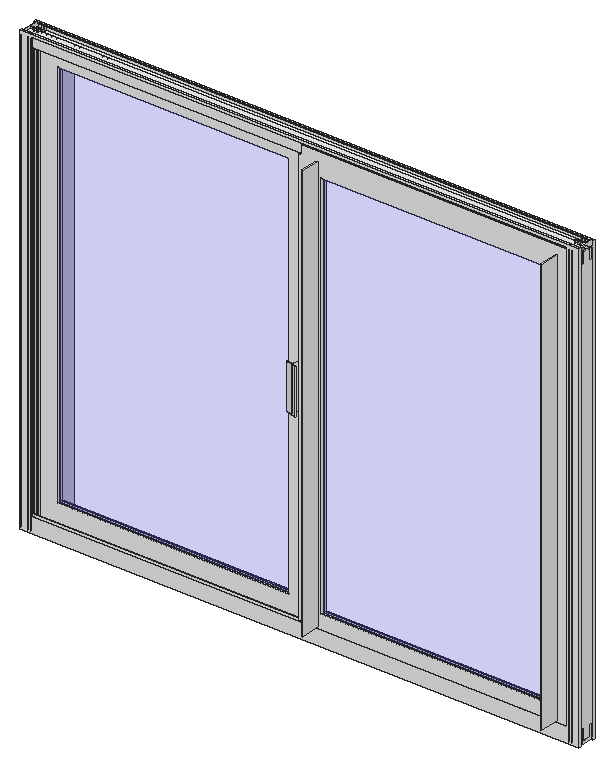
Revit family "WAL_A3-Classic-Horizontal-Slider-1500x1200-SW1512", category Windows, host Wall, Revit 2016
Family settings
  Host = Wall
  Always vertical = Yes
  Cut with Voids When Loaded = No
  Shared = No
  Room Calculation Point = No
Parameters (values of type "1500 x 1200 SW1512 Classical Horizontal Slider")
  URL = "www.agi.co.za"
  Model = "Slider"
  Manufacturer Code = "SW1512"
  Manufacturer = "AGI Aluminium"
  Height = 1200 mm
  Glass Material = Glass
  Frame Material = Metal Aluminium
  Description = "Classic Horizontal Slider"
  Default Sill Height = 800 mm
  Wall Closure = By host
  Width = 1500 mm
  Assembly Code = "B2020110"
Reference planes
  plane 1 "Center": y = 0
  plane 2 "Center (Left/Right)": x = 0
  plane 3 "Left": x = -750
  plane 4 "Right": x = 750
  plane 5 "Sill": z = 800
  plane 6 "Head": z = 2000
  plane 7 "Exterior": y = 75
  plane 8 "Interior": y = -75
  plane 9: z = 1400
Forms (mm)
  Sweep 1, solid, material "Metal Aluminium" <- "Frame Material", detail levels medium+fine
    path origin (0, 0, 0) x (1, 0, 0) y (0, 0, 1)
      loop
        line (750, 2000) -> (-750, 2000)
    profile "Top Frame : Top Frame" origin (0, 0, 2000) x (0, 0, -1) y (0, -1, 0)
      loop
        line (0, -21) -> (0, -27) -> (40, -27) -> (40, -25) -> (14.96, -25) -> (14.96, -14) -> (40, -14) -> (40, -12) -> (14.96, -12) -> (9.96, -3.34) -> (9.96, 3.34) -> (14.96, 12) -> (40, 12) -> (40, 14) -> (13.805, 14) -> (7.96, 3.876) -> (7.96, 1) -> (5.96, 1) -> (5.96, 27) -> (0, 27) -> (0, 21) -> (2, 21) -> (2, 25) -> (3.96, 25) -> (3.96, -1) -> (7.96, -1) -> (7.96, -3.876) -> (12.96, -12.536) -> (12.96, -25) -> (2, -25) -> (2, -21) -> (0, -21)
  Sweep 2, solid, material "Metal Aluminium" <- "Frame Material", detail levels medium+fine
    path origin (0, 0, 0) x (1, 0, 0) y (0, 0, 1)
      loop
        line (750, 800) -> (-750, 800)
    profile "Bottom Frame : Bottom Frame" origin (0, 0, 800) x (0, 0, -1) y (0, -1, 0)
      loop
        line (0, -27) -> (0, -20) -> (-2, -20) -> (-2, -25) -> (-4, -25) -> (-4, 25) -> (-2, 25) -> (-2, 20) -> (0, 20) -> (0, 27) -> (-40, 27) -> (-40, 25) -> (-6, 25) -> (-6, 14) -> (-40, 14) -> (-40, 12) -> (-10, 12) -> (-10, -12) -> (-40, -12) -> (-40, -14) -> (-6, -14) -> (-6, -25) -> (-40, -25) -> (-40, -27) -> (0, -27)
  Sweep 3, solid, material "Metal Aluminium" <- "Frame Material", detail levels medium+fine
    path origin (0, 0, 0) x (1, 0, 0) y (0, 0, 1)
      loop
        line (750, 2000) -> (750, 800)
    profile "Side Frame : Side Frame" origin (750, 0, 1400) x (1, 0, 0) y (0, -1, 0)
      loop
        line (0, -27) -> (0, -21) -> (-2, -21) -> (-2, -25) -> (-4, -25) -> (-4, 24.998) -> (-2, 24.998) -> (-2, 20.998) -> (0, 20.998) -> (0, 26.998) -> (-31, 26.998) -> (-31, 24.998) -> (-29, 24.998) -> (-29, 21.689) -> (-27, 21.689) -> (-27, 24.998) -> (-21.044, 24.998) -> (-21.044, 21.689) -> (-19.044, 21.689) -> (-19.044, 24.998) -> (-6, 24.998) -> (-6, 0.998) -> (-19.044, 0.998) -> (-19.044, 4.487) -> (-21.044, 4.487) -> (-21.044, 0.998) -> (-27, 0.998) -> (-27, 4.487) -> (-29, 4.487) -> (-29, 0.998) -> (-31, 0.998) -> (-31, -1.002) -> (-29, -1.002) -> (-29, -4.915) -> (-27, -4.915) -> (-27, -1.002) -> (-21.044, -1.002) -> (-21.044, -4.915) -> (-19.044, -4.915) -> (-19.044, -1.002) -> (-6, -1.002) -> (-6, -25) -> (-19.044, -25) -> (-19.044, -21.362) -> (-21.044, -21.362) -> (-21.044, -25) -> (-27, -25) -> (-27, -21.362) -> (-29, -21.362) -> (-29, -25) -> (-31, -25) -> (-31, -27) -> (0, -27)
  Sweep 4, solid, material "Metal Aluminium" <- "Frame Material", detail levels medium+fine
    path origin (0, 0, 0) x (1, 0, 0) y (0, 0, 1)
      loop
        line (-750, 800) -> (-750, 2000)
    profile "Side Frame : Side Frame" origin (-750, 0, 1400) x (-1, 0, 0) y (0, -1, 0)
      loop
        line (0, -27) -> (0, -21) -> (-2, -21) -> (-2, -25) -> (-4, -25) -> (-4, 24.998) -> (-2, 24.998) -> (-2, 20.998) -> (0, 20.998) -> (0, 26.998) -> (-31, 26.998) -> (-31, 24.998) -> (-29, 24.998) -> (-29, 21.689) -> (-27, 21.689) -> (-27, 24.998) -> (-21.044, 24.998) -> (-21.044, 21.689) -> (-19.044, 21.689) -> (-19.044, 24.998) -> (-6, 24.998) -> (-6, 0.998) -> (-19.044, 0.998) -> (-19.044, 4.487) -> (-21.044, 4.487) -> (-21.044, 0.998) -> (-27, 0.998) -> (-27, 4.487) -> (-29, 4.487) -> (-29, 0.998) -> (-31, 0.998) -> (-31, -1.002) -> (-29, -1.002) -> (-29, -4.915) -> (-27, -4.915) -> (-27, -1.002) -> (-21.044, -1.002) -> (-21.044, -4.915) -> (-19.044, -4.915) -> (-19.044, -1.002) -> (-6, -1.002) -> (-6, -25) -> (-19.044, -25) -> (-19.044, -21.362) -> (-21.044, -21.362) -> (-21.044, -25) -> (-27, -25) -> (-27, -21.362) -> (-29, -21.362) -> (-29, -25) -> (-31, -25) -> (-31, -27) -> (0, -27)
  Sweep 5, solid, material "Metal Aluminium" <- "Frame Material", detail levels medium+fine
    path origin (0, 0, 0) x (1, 0, 0) y (0, 0, 1)
      loop
        line (0, 800) -> (-719, 800)
    profile "Bottom slide L : Bottom slide L" origin (-359.5, 0, 800) x (0, 0, -1) y (0, -1, 0)
      loop
        line (-16, -20) -> (-16, -17) -> (-46, -17) -> (-46, -9) -> (-16, -9) -> (-16, -6) -> (-76, -6) -> (-76, -9.523) -> (-66, -9.523) -> (-66, -15.994) -> (-76, -15.994) -> (-76, -20) -> (-16, -20)
  Sweep 6, solid, material "Metal Aluminium" <- "Frame Material", detail levels medium+fine
    path origin (0, 0, 0) x (1, 0, 0) y (0, 0, 1)
      loop
        line (0, 2000) -> (-719, 2000)
    profile "Top slide L : Top slide L" origin (-359.5, 0, 2000) x (0, 0, -1) y (0, -1, 0)
      loop
        line (16, -20) -> (76, -20) -> (76, -15.994) -> (66, -15.994) -> (66, -9.523) -> (76, -9.523) -> (76, -6) -> (16, -6) -> (16, -9) -> (46, -9) -> (46, -17) -> (16, -17) -> (16, -20)
  Sweep 7, solid, material "Metal Aluminium" <- "Frame Material", detail levels medium+fine
    path origin (0, 0, 0) x (1, 0, 0) y (0, 0, 1)
      loop
        line (-750, 840) -> (-750, 1960)
    profile "Side slide L : Side slide L" origin (-750, 0, 1400) x (-1, 0, 0) y (0, -1, 0)
      loop
        line (-16, -19.998) -> (-16, -16.998) -> (-46, -16.998) -> (-46, -8.998) -> (-16, -8.998) -> (-16, -5.998) -> (-22, -5.998) -> (-22, -1.637) -> (-26, -1.637) -> (-26, -5.998) -> (-76, -5.998) -> (-76, -9.521) -> (-66, -9.521) -> (-66, -15.992) -> (-76, -15.992) -> (-76, -19.998) -> (-66, -19.998) -> (-66, -69.998) -> (-64, -69.998) -> (-64, -19.998) -> (-26, -19.998) -> (-26, -23.79) -> (-22, -23.79) -> (-22, -19.998) -> (-16, -19.998)
  Sweep 8, solid, material "Metal Aluminium" <- "Frame Material", detail levels medium+fine
    path origin (0, 0, 0) x (1, 0, 0) y (0, 0, 1)
      loop
        line (0, 1960) -> (0, 840)
    profile "Mid slide L : Mid slide L" origin (0, 0, 1400) x (1, 0, 0) y (0, -1, 0)
      loop
        line (-43.5, -15.992) -> (-53.5, -15.992) -> (-53.5, -19.998) -> (-43.5, -19.998) -> (-43.5, -69.998) -> (-41.5, -69.998) -> (-41.5, -19.998) -> (6.5, -19.998) -> (6.5, -16.998) -> (-23.5, -16.998) -> (-23.5, -8.998) -> (6.5, -8.998) -> (6.5, 3.5) -> (-3.5, 3.5) -> (-3.5, 0.5) -> (3.5, 0.5) -> (3.5, -5.998) -> (-53.5, -5.998) -> (-53.5, -9.521) -> (-43.5, -9.521) -> (-43.5, -15.992)
  Sweep 9, solid, material "Metal Aluminium" <- "Frame Material", detail levels medium+fine
    path origin (0, 0, 0) x (1, 0, 0) y (0, 0, 1)
      loop
        line (750, 1960) -> (750, 840)
    profile "Side slide R : Side slide R" origin (750, 0, 1400) x (1, 0, 0) y (0, -1, 0)
      loop
        line (-16, 19.998) -> (-22, 19.998) -> (-22, 23.79) -> (-26, 23.79) -> (-26, 19.998) -> (-64, 19.998) -> (-64, 69.998) -> (-66, 69.998) -> (-66, 19.998) -> (-76, 19.998) -> (-76, 15.992) -> (-66, 15.992) -> (-66, 9.521) -> (-76, 9.521) -> (-76, 5.998) -> (-26, 5.998) -> (-26, 1.637) -> (-22, 1.637) -> (-22, 5.998) -> (-16, 5.998) -> (-16, 8.998) -> (-46, 8.998) -> (-46, 16.998) -> (-16, 16.998) -> (-16, 19.998)
  Sweep 10, solid, material "Metal Aluminium" <- "Frame Material", detail levels medium+fine
    path origin (0, 0, 0) x (1, 0, 0) y (0, 0, 1)
      loop
        line (719, 2000) -> (0, 2000)
    profile "Top slide R : Top slide R" origin (359.5, 0, 2000) x (0, 0, -1) y (0, -1, 0)
      loop
        line (16, 20) -> (16, 17) -> (46, 17) -> (46, 9) -> (16, 9) -> (16, 6) -> (76, 6) -> (76, 9.523) -> (66, 9.523) -> (66, 15.994) -> (76, 15.994) -> (76, 20) -> (16, 20)
  Sweep 11, solid, material "Metal Aluminium" <- "Frame Material", detail levels medium+fine
    path origin (0, 0, 0) x (1, 0, 0) y (0, 0, 1)
      loop
        line (719, 800) -> (0, 800)
    profile "Bottom slide R : Bottom slide R" origin (359.5, 0, 800) x (0, 0, -1) y (0, -1, 0)
      loop
        line (-16, 20) -> (-76, 20) -> (-76, 15.994) -> (-66, 15.994) -> (-66, 9.523) -> (-76, 9.523) -> (-76, 6) -> (-16, 6) -> (-16, 9) -> (-46, 9) -> (-46, 17) -> (-16, 17) -> (-16, 20)
  Sweep 12, solid, material "Metal Aluminium" <- "Frame Material", detail levels medium+fine
    path origin (0, 0, 0) x (1, 0, 0) y (0, 0, 1)
      loop
        line (0, 1960) -> (0, 840)
    profile "Mid slide R : Mid slide R" origin (0, 0, 1400) x (1, 0, 0) y (0, -1, 0)
      loop
        line (43.5, 15.992) -> (53.5, 15.992) -> (53.5, 19.998) -> (43.5, 19.998) -> (43.5, 69.998) -> (41.5, 69.998) -> (41.5, 19.998) -> (-6.5, 19.998) -> (-6.5, 16.998) -> (23.5, 16.998) -> (23.5, 8.998) -> (-6.5, 8.998) -> (-6.5, -3.5) -> (3.5, -3.5) -> (3.5, -0.5) -> (-3.5, -0.5) -> (-3.5, 5.998) -> (53.5, 5.998) -> (53.5, 9.521) -> (43.5, 9.521) -> (43.5, 15.992)
  Sweep 13, solid, material "Metal Aluminium" <- "Frame Material", detail levels medium+fine
    path origin (0, 0, 0) x (1, 0, 0) y (0, 0, 1)
      loop
        line (0, 1460) -> (0, 1340)
    profile "Handle : Handle" origin (0, 0, 1400) x (1, 0, 0) y (0, -1, 0)
      loop
        line (-8.5, -4.993) -> (-8.5, 10.998) -> (21.5, 10.998) -> (21.5, 14.998) -> (-8.529, 14.998) -> (-12.187, 35.744) -> (0, 40.18) -> (-0.702, 42.108) -> (-30.363, 31.312) -> (-29.679, 29.433) -> (-14.105, 35.101) -> (-10.5, 14.658) -> (-10.5, -4.993) -> (-8.5, -4.993)
  Extrusion 14, solid, material "Glass" <- "Glass Material", detail levels medium+fine
    sketch origin (0, 0, 0) x (1, 0, 0) y (0, 1, 0)
      loop
        line (-684, 15.994) -> (-684, 9.523) -> (-43.5, 9.523) -> (-43.5, 15.994) -> (-684, 15.994)
    from 866 to 1934
  Extrusion 15, solid, material "Glass" <- "Glass Material", detail levels medium+fine
    sketch origin (0, 0, 0) x (1, 0, 0) y (0, 1, 0)
      loop
        line (43.5, -9.521) -> (43.5, -15.992) -> (684, -15.992) -> (684, -9.521) -> (43.5, -9.521)
    from 866 to 1934
Cuts and joins
  joined: Sweep 1, Sweep 2, Sweep 3, Sweep 4
  joined: Sweep 5, Sweep 6, Sweep 7, Sweep 8
  joined: Sweep 9, Sweep 10, Sweep 11, Sweep 12
Lines and regions (mm)
  Opening 1
    outline origin (3500, -75, 0) x (1, 0, 0) y (0, 0, 1)
      loop
        line (-2750, 800) -> (-2750, 2000) -> (-4250, 2000) -> (-4250, 800) -> (-2750, 800)
  symbolic lines
    curve 1: line (365.532, 0, 1504.109) -> (365.532, 0, 1321.395)
    curve 2: line (365.532, 0, 1504.109) -> (274.175, 0, 1412.752)
    curve 3: line (365.532, 0, 1321.395) -> (274.175, 0, 1412.752)
    curve 4: line (-372.468, 0, 1504.109) -> (-372.468, 0, 1321.395)
    curve 5: line (-372.468, 0, 1504.109) -> (-281.111, 0, 1412.752)
    curve 6: line (-372.468, 0, 1321.395) -> (-281.111, 0, 1412.752)
Text (mm)
  text "EXTERIOR" at (-1963.203, 1332.353, 0), in view "Ref. Level"
  text "INTERIOR" at (-1981.466, -818.386, 0), in view "Ref. Level"
  text "Exterior" at (0, 923.751, 2943.296), in view "Right"
  text "Exterior" at (0, 1040.484, 2685.409), in view "Left"
Dimensions and locks
  equal spacing: plane 3 "Left", plane 2 "Center (Left/Right)", plane 4 "Right"
  "Width": plane 3 "Left" to plane 4 "Right"
  "Height": plane 5 "Sill" to plane 6 "Head"
  "Default Sill Height": plane 5 "Sill" to level
  locked: plane 7 "Exterior" to host wall at 0
  locked: plane 8 "Interior" to host wall
  equal spacing: plane 6 "Head", plane 9, plane 5 "Sill"
  equal spacing: Sweep 13 sketch curve, plane 9, Sweep 13 sketch curve
  locked: Sweep 13 sketch curve to Sweep 13 sketch curve at 120
  aligned and locked: Extrusion 14 sketch curve to cut or joined group of Sweep 5, Sweep 6, Sweep 7, Sweep 8
  aligned and locked: cut or joined group of Sweep 5, Sweep 6, Sweep 7, Sweep 8 to Extrusion 14 sketch curve  (x3)
  aligned and locked: Extrusion 14 to cut or joined group of Sweep 5, Sweep 6, Sweep 7, Sweep 8  (x2)
  aligned and locked: Extrusion 15 sketch curve to cut or joined group of Sweep 9, Sweep 10, Sweep 11, Sweep 12  (x2)
  aligned and locked: cut or joined group of Sweep 9, Sweep 10, Sweep 11, Sweep 12 to Extrusion 15 sketch curve  (x2)
  aligned and locked: Extrusion 15 to cut or joined group of Sweep 9, Sweep 10, Sweep 11, Sweep 12  (x2)
  aligned and locked: plane 2 "Center (Left/Right)" to Sweep 5 sketch curve
  aligned and locked: Sweep 5 sketch curve to cut or joined group of Sweep 1, Sweep 2, Sweep 3, Sweep 4
Automatic sketch dimensions
  Opening 1 sketch curve to plane 3 "Left" = 0 mm
  Opening 1 sketch curve to plane 4 "Right" = 0 mm
  Opening 1 sketch curve to plane 5 "Sill" = 0 mm
  Opening 1 sketch curve to plane 6 "Head" = 0 mm
  Sweep 1 sketch curve to plane 3 "Left" = 0 mm
  plane 4 "Right" to Sweep 1 sketch curve = 0 mm
  plane 6 "Head" to Sweep 1 sketch curve = 0 mm
  Sweep 2 sketch curve to plane 3 "Left" = 0 mm
  plane 4 "Right" to Sweep 2 sketch curve = 0 mm
  Sweep 2 sketch curve to plane 5 "Sill" = 0 mm
  plane 4 "Right" to Sweep 3 sketch curve = 0 mm
  Sweep 3 sketch curve to plane 5 "Sill" = 0 mm
  plane 6 "Head" to Sweep 3 sketch curve = 0 mm
  Sweep 4 sketch curve to plane 3 "Left" = 0 mm
  Sweep 4 sketch curve to plane 5 "Sill" = 0 mm
  plane 6 "Head" to Sweep 4 sketch curve = 0 mm
  Sweep 5 sketch curve to plane 5 "Sill" = 0 mm
  Sweep 6 sketch curve to plane 2 "Center (Left/Right)" = 0 mm
  Sweep 6 sketch curve to plane 3 "Left" = 31 mm
  plane 6 "Head" to Sweep 6 sketch curve = 0 mm
  Sweep 7 sketch curve to plane 3 "Left" = 0 mm
  Sweep 7 sketch curve to plane 5 "Sill" = 40 mm
  plane 6 "Head" to Sweep 7 sketch curve = 40 mm
  Sweep 8 sketch curve to plane 2 "Center (Left/Right)" = 0 mm
  Sweep 8 sketch curve to plane 5 "Sill" = 40 mm
  plane 6 "Head" to Sweep 8 sketch curve = 40 mm
  plane 4 "Right" to Sweep 9 sketch curve = 0 mm
  Sweep 9 sketch curve to plane 5 "Sill" = 40 mm
  plane 6 "Head" to Sweep 9 sketch curve = 40 mm
  plane 2 "Center (Left/Right)" to Sweep 10 sketch curve = 0 mm
  plane 4 "Right" to Sweep 10 sketch curve = 31 mm
  plane 6 "Head" to Sweep 10 sketch curve = 0 mm
  plane 2 "Center (Left/Right)" to Sweep 11 sketch curve = 0 mm
  plane 4 "Right" to Sweep 11 sketch curve = 31 mm
  Sweep 11 sketch curve to plane 5 "Sill" = 0 mm
  plane 2 "Center (Left/Right)" to Sweep 12 sketch curve = 0 mm
  Sweep 12 sketch curve to plane 5 "Sill" = 40 mm
  plane 6 "Head" to Sweep 12 sketch curve = 40 mm
  plane 2 "Center (Left/Right)" to Sweep 13 sketch curve = 0 mm
  plane 9 to curve 3 = 12.752 mm
  plane 9 to curve 5 = 12.752 mm
  curve 1 to plane 9 = 78.605 mm
  curve 6 to plane 9 = 78.605 mm
  curve 6 to plane 2 "Center (Left/Right)" = 372.468 mm
  curve 6 to curve 5 = 91.357 mm
  plane 2 "Center (Left/Right)" to curve 2 = 274.175 mm
  curve 2 to curve 1 = 91.357 mm
